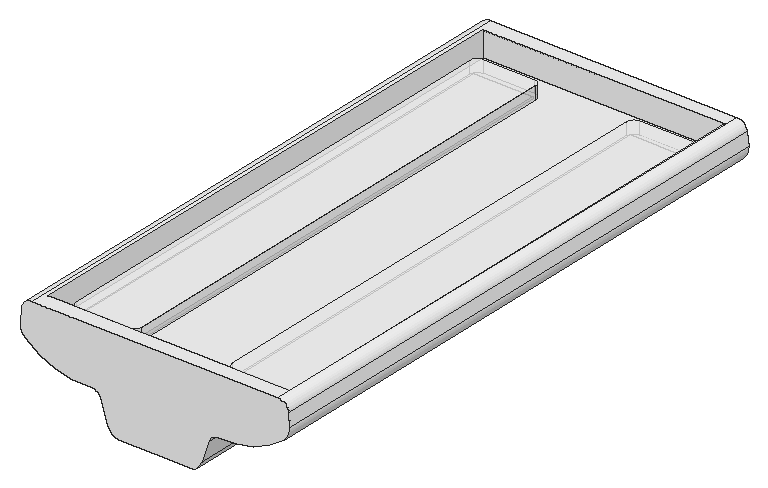
Revit family "PELA-840-L18", category Lighting Fixtures, host Face, Revit 2021
Family settings
  Host = Face
  Round Connector Dimension = Use Diameter
  Part Type = Normal
  OmniClass Number = 23.80.70.11.14.17
  OmniClass Title = Direct/Indirect
  Cut with Voids When Loaded = No
  Light Source = Yes
  Shared = Yes
  Room Calculation Point = No
Parameters (values of type "PELA-840-L18")
  Wattage = 126 W
  Warranty = "5 year limited"  # constant formula
  built-in parameter 1150110 = 1 (stored number, unit not read)
  Voltage Comments = "120-277;347;480"
  Voltage = 120 V
  Version = "2021 V 1.2"  # constant formula
  Type Comments = "Light Fixture"
  built-in parameter 1114217 = 1 (stored number, unit not read)
  Tilt Angle = -90.00°
  built-in parameter 1150109 = 1 (stored number, unit not read)
  built-in parameter 1150134 = 12
  built-in parameter 1150113 = 1 (stored number, unit not read)
  Product Page URL = "https://www.currentlighting.com/indoor-lighting/pela/232365"
  Product Documentation Link = "https://cdn.currentlighting.com/site/specsheet/COL_PELA_SPEC.pdf"
  Power Factor = 1
  Photometry Note = "Please load ies file listed under Photometric Web File for accurate rendering."  # constant formula
  Photometric Web Link = "https://www.currentlighting.com/indoor-lighting/pela/232365"
  Photometric Web File = "PELA-840-L18-B-xxx_120-277V.IES"
  Optical Code = "B"
  Wattage Comments = "62 - 313 W"
  URL = "www.currentlighting.com"
  Mounting = "Please Refer to the Product Spec Sheet for Mounting Options"  # constant formula
  Model = "PELA-840-L18"
  Manufacturer Contact-us = "https://www.currentlighting.com/contact-us"
  Manufacturer Address = "701 Millenium Blvd,Greenville, SC"  # constant formula
  Manufacturer = "Current Lighting"  # constant formula
  built-in parameter 1150105 = 1443.9 (stored number, unit not read)
  Lumens = 18144 lm
  built-in parameter 1150115 = 1 (stored number, unit not read)
  Load Classification = Lighting
  built-in parameter 1150137 = (empty or 0)
  built-in parameter 1150139 = (empty or 0)
  Lens Material Finish = White Glass
  built-in parameter 1150112 = 1 (stored number, unit not read)
  built-in parameter 1150114 = 1 (stored number, unit not read)
  Lamp = "LED"  # constant formula
  Installation and Service URL = "https://cdn.currentlighting.com/site/installationmanuals/COL_PELA_INS.pdf"
  built-in parameter 1150132 = (empty or 0)
  built-in parameter 1150102 = (empty or 0)
  built-in parameter 1150107 = 4000 (stored number, unit not read)
  built-in parameter 1150138 = (empty or 0)
  built-in parameter 1150106 = 14.439 (stored number, unit not read)
  Housing Material = Paint - Matte White
  Features = "Ideal for high bay industrial and commercial buildings\r\nLumen packages from 9,000-48,000\r\nIntegrated emergency battery backup\r\nAvailable with NX Connect integrated controls"
  Emit from Rectangle Width = 18.00"  # constant formula
  Emit from Rectangle Length = 7.50"  # constant formula
  Emit Shape Visible in Rendering = no
  built-in parameter 1150104 = 13.378 (stored number, unit not read)
  Distribution Patterns = "None"
  Dimming Lamp Color Temperature Shift = <None>
  Description = "The PELA is a compact high bay fixture with many options available from high lumen packages to switchable lumens as well as NX Controls."
  Default Elevation = 48.00"
  Copyright = "© 2022 HLI Solutions, Inc."
  Controller = "Please Refer to the Product Spec Sheet for Control Options"  # constant formula
  Color Rendering Index = "80 CRI"
  Color Filter = 16777215
  Brand = "Columbia Lighting"
  built-in parameter 1114218 = 1 (stored number, unit not read)
  Available Finish Options = "Available in Matte White"  # constant formula
  built-in parameter 1150133 = 10 (stored number, unit not read)
  Assembly Code = "D5020200"
  Apparent Load = 126 VA
  Additional Material Finish = Paint - Matte White
Reference planes (in)
  plane 1 "Center (Front/Back)": y = 13.01342
  plane 2: z = 0
  plane 3 "Center (Left/Right)": x = 0
  plane 4: y = 22.80748
  plane 5: y = 3.21936
  plane 6: z = 3.46
  plane 7: x = -4.61
  plane 8: x = 4.61
Forms (in)
  Extrusion 1, solid, material "Paint - Matte White" <- "Housing Material"
    sketch origin (0, 13.01342, 0) x (1, 0, 0) y (0, 0, 1)
      loop
        line (-1.25084, 0.29318) -> (0, 0.29318) -> (1.01702, 0.29318)
        arc (1.01702, 0.29318) -> (1.38159, 0.34349) -> (1.61839, 0.62522) r 0.51237
        line (1.61839, 0.62522) -> (1.87108, 1.35908)
        arc (1.87108, 1.35908) -> (1.99618, 1.52032) -> (2.1937, 1.57167) r 0.31649
        arc (2.1937, 1.57167) -> (3.38503, 1.71634) -> (4.43219, 2.30257) r 3.10058
        arc (4.43219, 2.30257) -> (4.57074, 2.49361) -> (4.60623, 2.72692) r 0.5
        line (4.60623, 2.72692) -> (4.56869, 3.15607)
        arc (4.56869, 3.15607) -> (4.45357, 3.38949) -> (4.211, 3.48382) r 0.35905
        line (4.211, 3.48382) -> (-4.211, 3.48382)
        arc (-4.211, 3.48382) -> (-4.45357, 3.38949) -> (-4.56869, 3.15607) r 0.35905
        line (-4.56869, 3.15607) -> (-4.60623, 2.72692)
        arc (-4.60623, 2.72692) -> (-4.57074, 2.49361) -> (-4.43219, 2.30257) r 0.5
        arc (-4.43219, 2.30257) -> (-3.38503, 1.71634) -> (-2.1937, 1.57167) r 3.10058
        arc (-2.1937, 1.57167) -> (-1.99618, 1.52032) -> (-1.87108, 1.35908) r 0.31649
        line (-1.87108, 1.35908) -> (-1.61839, 0.62522)
        arc (-1.61839, 0.62522) -> (-1.47741, 0.41183) -> (-1.25084, 0.29318) r 0.51237
    from -9.79406 to 9.79406
  Extrusion 2, void
    sketch origin (0, 0, 0) x (1, 0, 0) y (0, 1, 0)
      loop
        line (-4.065, 22.30748) -> (-4.065, 3.71936) -> (4.19, 3.71936) -> (4.19, 22.30748) -> (-4.065, 22.30748)
    from 2.63499 to 3.85781
  Extrusion 3, solid, material "White Glass" <- "Lens Material Finish"
    sketch origin (0, 0, 0) x (1, 0, 0) y (0, 1, 0)
      loop
        line (3.61812, 21.61393) -> (1.86812, 21.61393)
        arc (1.86812, 21.61393) -> (1.69134, 21.54071) -> (1.61812, 21.36393) r 0.25
        line (1.61812, 21.36393) -> (1.61812, 4.5358)
        arc (1.61812, 4.5358) -> (1.69134, 4.35903) -> (1.86812, 4.2858) r 0.25
        line (1.86812, 4.2858) -> (3.61812, 4.2858)
        arc (3.61812, 4.2858) -> (3.7949, 4.35903) -> (3.86812, 4.5358) r 0.25
        line (3.86812, 4.5358) -> (3.86812, 21.36393)
        arc (3.86812, 21.36393) -> (3.7949, 21.54071) -> (3.61812, 21.61393) r 0.25
      loop
        arc (-3.49312, 21.61393) -> (-3.6699, 21.54071) -> (-3.74312, 21.36393) r 0.25
        line (-3.74312, 21.36393) -> (-3.74312, 4.5358)
        arc (-3.74312, 4.5358) -> (-3.6699, 4.35903) -> (-3.49312, 4.2858) r 0.25
        line (-3.49312, 4.2858) -> (-1.74312, 4.2858)
        arc (-1.74312, 4.2858) -> (-1.56634, 4.35903) -> (-1.49312, 4.5358) r 0.25
        line (-1.49312, 4.5358) -> (-1.49312, 21.36393)
        arc (-1.49312, 21.36393) -> (-1.56634, 21.54071) -> (-1.74312, 21.61393) r 0.25
        line (-1.74312, 21.61393) -> (-3.49312, 21.61393)
    from 2.63499 to 3.06657
  Extrusion 4, solid, material "Paint - Matte White" <- "Additional Material Finish"
    sketch origin (0, 0, 0) x (1, 0, 0) y (0, 1, 0)
      loop
        line (3.75479, 21.36393) -> (1.73145, 21.36393) -> (1.73145, 4.5358) -> (3.75479, 4.5358) -> (3.75479, 21.36393)
      loop
        line (-3.62979, 21.36393) -> (-3.62979, 4.5358) -> (-1.60645, 4.5358) -> (-1.60645, 21.36393) -> (-3.62979, 21.36393)
    from 2.63499 to 2.7
Cuts and joins
  Extrusion 2 cuts Extrusion 1
Dimensions and locks (in)
  plane 5 to plane 4 = 19.58813"
  equal spacing: plane 5, plane 1 "Center (Front/Back)", plane 4
  aligned and locked: plane 2 to host face
  aligned and locked: level to host face
  aligned and locked: plane 3 "Center (Left/Right)" to imposter light
  aligned and locked: Extrusion 1 to plane 4
  aligned and locked: plane 5 to Extrusion 1
  aligned and locked: plane 6 to imposter light
Automatic sketch dimensions
  host sketch curve to host sketch curve = 96.00"  (x2)
  Extrusion 2 sketch curve to plane 5 = 0.50"
  plane 4 to Extrusion 2 sketch curve = 0.50"
  plane 7 to Extrusion 2 sketch curve = 0.545"
  Extrusion 2 sketch curve to plane 8 = 0.42"
  Extrusion 1 sketch curve to plane 3 "Center (Left/Right)" = 0.00"
  Extrusion 1 sketch curve to plane 3 "Center (Left/Right)" = 1.13393"
  level to Extrusion 1 sketch curve = 0.29318"
  Extrusion 1 sketch curve to Extrusion 1 sketch curve = 0.11691"  (x2)
  level to Extrusion 1 sketch curve = 0.62522"  (x2)
  Extrusion 1 sketch curve to Extrusion 1 sketch curve = 0.36755"
  Extrusion 1 sketch curve to Extrusion 1 sketch curve = 0.25269"  (x2)
  Extrusion 1 sketch curve to Extrusion 1 sketch curve = 0.29925"  (x2)
  plane 7 to Extrusion 1 sketch curve = 2.18735"
  plane 7 to Extrusion 1 sketch curve = 0.50187"
  plane 7 to Extrusion 1 sketch curve = 0.04131"
  plane 7 to Extrusion 1 sketch curve = 0.00377"
  Extrusion 1 sketch curve to Extrusion 1 sketch curve = 1.01702"
  Extrusion 1 sketch curve to Extrusion 1 sketch curve = 0.48446"
  Extrusion 1 sketch curve to plane 8 = 2.18735"
  Extrusion 1 sketch curve to plane 8 = 0.50187"
  Extrusion 1 sketch curve to plane 8 = 0.399"
  Extrusion 1 sketch curve to plane 8 = 0.04131"
  Extrusion 1 sketch curve to plane 8 = 0.00377"
  Extrusion 1 sketch curve to Extrusion 1 sketch curve = 0.63083"  (x2)
  Extrusion 1 sketch curve to Extrusion 1 sketch curve = 0.10304"  (x2)
  Extrusion 1 sketch curve to plane 6 = 0.77666"  (x2)
  Extrusion 1 sketch curve to Extrusion 1 sketch curve = 0.04358"  (x2)
  Extrusion 1 sketch curve to plane 6 = 0.33523"  (x2)
  Extrusion 1 sketch curve to plane 6 = 0.30393"  (x2)
  plane 6 to Extrusion 1 sketch curve = 1.20378"  (x2)
  Extrusion 1 sketch curve to Extrusion 1 sketch curve = 0.00"  (x2)
  plane 7 to Extrusion 3 sketch curve = 0.86688"
  Extrusion 3 sketch curve to Extrusion 3 sketch curve = 0.25"  (x6)
  Extrusion 3 sketch curve to plane 3 "Center (Left/Right)" = 1.74312"  (x2)
  plane 3 "Center (Left/Right)" to Extrusion 3 sketch curve = 1.61812"
  Extrusion 3 sketch curve to plane 8 = 0.99188"  (x2)
  Extrusion 3 sketch curve to plane 5 = 1.06645"  (x2)
  plane 4 to Extrusion 3 sketch curve = 1.44355"  (x2)
  plane 7 to Extrusion 4 sketch curve = 0.98021"
  Extrusion 4 sketch curve to plane 3 "Center (Left/Right)" = 1.60645"
  plane 3 "Center (Left/Right)" to Extrusion 4 sketch curve = 1.73145"
  Extrusion 4 sketch curve to plane 8 = 0.85521"
  Extrusion 4 sketch curve to plane 5 = 1.31645"  (x2)
  plane 4 to Extrusion 4 sketch curve = 1.44355"  (x2)
Connectors (in)
  electrical at (0.50851, 13.01342, 0.29318), driven by "Power Factor", driven by "Apparent Load", driven by "Voltage", driven by "Load Classification"
    settings: on cut or joined group of Extrusion 1, Extrusion 2, index 1, voltage 120 V, apparent load 126 VA, apparent load phase1 0 VA, apparent load phase2 0 VA, apparent load phase3 0 VA, power factor 1, load classification "Lighting", number of poles 1, system type 30, power factor state 1, is connector primary yes, connector utility no, sub classification motor no, connector description "Light Fixture"
